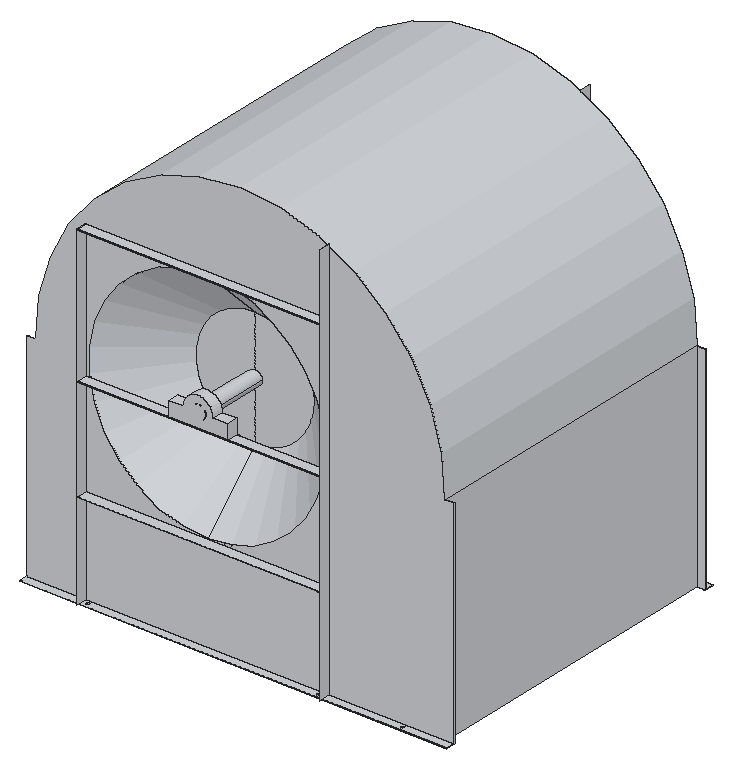
Revit family "CA_DWDI_CCW_DBD", category Mechanical Equipment, Revit 2019 (continued)
Types (61): name | X/2 | X | W/2 | W | V | U | T | S | R/2 | R+R | R | P-N-M | P-N | P | N | M/2 | M | L | K | J | INLET/2 | INLET | H | G/5*3 | G/10*3 | G-2.5" | G-(G/5*3) | G+((G/5*3)+2") | G | F-.125" | F-((D-A)/2) | F | E/2 | E | DB_H | DB_G | DB_F | DB_E | DB_D | D/2 | D | B/2 | B+.25" | B | A/2 | A+.25"+DB_H | A+.25" | A | Type Comments | -P | -B/2 | -((B+.25")/2) | (M-(B+.25"))/2 | (G/5*3)+2" | (D-A-.25)/2 | ((B+.25")/2)
  195_CA-DWDI_CCW_DBD_CLASS_2 | 1' - 4 11/32" | 2' - 8 11/16" | 0' - 0 11/32" | 0' - 0 11/16" | 0' - 6" | 0' - 11 1/2" | 1' - 3 11/32" | 2' - 6 11/16" | 0' - 1 3/32" | 0' - 4 3/8" | 0' - 2 3/16" | 0' - 2 1/8" | -2' - 10 9/16" | 3' - 6 3/16" | 0' - 7 5/8" | 1' - 4 7/32" | 2' - 8 7/16" | 1' - 4 7/32" | 0' - 2" | 1' - 4 13/16" | 1' - 0 3/32" | 2' - 0 3/16" | 3' - 4" | 1' - 0 3/32" | 0' - 6 3/64" | 1' - 5 13/16" | 0' - 7 29/32" | 2' - 9 3/32" | 1' - 8" | 3' - 0 11/16" | 2' - 11 1/8" | 3' - 0 13/16" | 1' - 3 29/32" | 2' - 7 13/16" | 0' - 2" | 1' - 11 3/16" | 3' - 4" | 1' - 8" | 3' - 2 1/2" | 0' - 11 7/16" | 1' - 10 7/8" | 1' - 2 7/32" | 2' - 4 11/16" | 2' - 4 7/16" | 0' - 9 3/4" | 1' - 9 3/4" | 1' - 7 3/4" | 1' - 7 1/2" | "Airfoil Centrifugal Blower Counter-Clockwise Down Blast Arrangement 3 Class 2" | -3' - 6 3/16" | -1' - 2 7/32" | -1' - 2 11/32" | 0' - 1 7/8" | 1' - 1 3/32" | 0' - 1 9/16" | 1' - 2 11/32"
  195_CA-DWDI_CCW_DBD_CLASS_3 | 1' - 4 11/32" | 2' - 8 11/16" | 0' - 0 11/32" | 0' - 0 11/16" | 0' - 6" | 0' - 11 1/2" | 1' - 3 11/32" | 2' - 6 11/16" | 0' - 1 11/32" | 0' - 5 3/8" | 0' - 2 11/16" | 0' - 2 1/2" | -2' - 10 15/16" | 3' - 6 15/16" | 0' - 8" | 1' - 4 7/32" | 2' - 8 7/16" | 1' - 4 7/32" | 0' - 2" | 1' - 4 13/16" | 1' - 0 3/32" | 2' - 0 3/16" | 3' - 4" | 1' - 0 3/32" | 0' - 6 3/64" | 1' - 5 5/16" | 0' - 7 29/32" | 2' - 9 3/32" | 1' - 8" | 3' - 0 11/16" | 2' - 11 1/8" | 3' - 0 13/16" | 1' - 3 29/32" | 2' - 7 13/16" | 0' - 2" | 1' - 11 3/16" | 3' - 4" | 1' - 8" | 3' - 2 1/2" | 0' - 11 7/16" | 1' - 10 7/8" | 1' - 2 7/32" | 2' - 4 11/16" | 2' - 4 7/16" | 0' - 9 3/4" | 1' - 9 3/4" | 1' - 7 3/4" | 1' - 7 1/2" | "Airfoil Centrifugal Blower Counter-Clockwise Down Blast Arrangement 3 Class 3" | -3' - 6 15/16" | -1' - 2 7/32" | -1' - 2 11/32" | 0' - 1 7/8" | 1' - 1 3/32" | 0' - 1 9/16" | 1' - 2 11/32"
  210_CA-DWDI_CCW_DBD_CLASS_2 | 1' - 5 5/16" | 2' - 10 5/8" | 0' - 0 13/32" | 0' - 0 13/16" | 0' - 7" | 1' - 0" | 1' - 4 5/16" | 2' - 8 5/8" | 0' - 1 3/32" | 0' - 4 3/8" | 0' - 2 3/16" | 0' - 2 1/8" | -3' - 0 1/2" | 3' - 8 5/8" | 0' - 8 1/8" | 1' - 5 3/16" | 2' - 10 3/8" | 1' - 5 3/16" | 0' - 2" | 1' - 6" | 1' - 0 31/32" | 2' - 1 15/16" | 3' - 6 7/8" | 1' - 0 31/32" | 0' - 6 31/64" | 1' - 6 13/16" | 0' - 8 1/32" | 2' - 10 31/32" | 1' - 9" | 3' - 3" | 3' - 1 7/16" | 3' - 3 1/8" | 1' - 4 7/8" | 2' - 9 3/4" | 0' - 2" | 2' - 0 7/8" | 3' - 6 7/8" | 1' - 9" | 3' - 4 15/16" | 1' - 0 1/2" | 2' - 1" | 1' - 3 3/16" | 2' - 6 5/8" | 2' - 6 3/8" | 0' - 10 13/16" | 1' - 11 7/8" | 1' - 9 7/8" | 1' - 9 5/8" | "Airfoil Centrifugal Blower Counter-Clockwise Down Blast Arrangement 3 Class 2" | -3' - 8 5/8" | -1' - 3 3/16" | -1' - 3 5/16" | 0' - 1 7/8" | 1' - 1 31/32" | 0' - 1 9/16" | 1' - 3 5/16"
  210_CA-DWDI_CCW_DBD_CLASS_3 | 1' - 5 5/16" | 2' - 10 5/8" | 0' - 0 13/32" | 0' - 0 13/16" | 0' - 7" | 1' - 0" | 1' - 4 5/16" | 2' - 8 5/8" | 0' - 1 11/32" | 0' - 5 3/8" | 0' - 2 11/16" | 0' - 2 1/2" | -3' - 0 7/8" | 3' - 9 3/8" | 0' - 8 1/2" | 1' - 5 3/16" | 2' - 10 3/8" | 1' - 5 3/16" | 0' - 2" | 1' - 6" | 1' - 0 31/32" | 2' - 1 15/16" | 3' - 6 7/8" | 1' - 0 31/32" | 0' - 6 31/64" | 1' - 6 5/16" | 0' - 8 1/32" | 2' - 10 31/32" | 1' - 9" | 3' - 3" | 3' - 1 7/16" | 3' - 3 1/8" | 1' - 4 7/8" | 2' - 9 3/4" | 0' - 2" | 2' - 0 7/8" | 3' - 6 7/8" | 1' - 9" | 3' - 4 15/16" | 1' - 0 1/2" | 2' - 1" | 1' - 3 3/16" | 2' - 6 5/8" | 2' - 6 3/8" | 0' - 10 13/16" | 1' - 11 7/8" | 1' - 9 7/8" | 1' - 9 5/8" | "Airfoil Centrifugal Blower Counter-Clockwise Down Blast Arrangement 3 Class 3" | -3' - 9 3/8" | -1' - 3 3/16" | -1' - 3 5/16" | 0' - 1 7/8" | 1' - 1 31/32" | 0' - 1 9/16" | 1' - 3 5/16"
  225_CA-DWDI_CCW_DBD_CLASS_2 | 1' - 6 3/8" | 3' - 0 3/4" | 0' - 0 13/32" | 0' - 0 13/16" | 0' - 7 1/2" | 1' - 0 1/2" | 1' - 5 3/8" | 2' - 10 3/4" | 0' - 1 7/32" | 0' - 4 7/8" | 0' - 2 7/16" | 0' - 2 1/4" | -3' - 2 3/4" | 3' - 11" | 0' - 8 1/4" | 1' - 6 1/4" | 3' - 0 1/2" | 1' - 6 1/4" | 0' - 2" | 1' - 7 1/4" | 1' - 1 23/32" | 2' - 3 7/16" | 3' - 9 3/4" | 1' - 1 23/32" | 0' - 6 55/64" | 1' - 8 9/16" | 0' - 9 9/32" | 3' - 1 23/32" | 1' - 11" | 3' - 6 1/4" | 3' - 4 11/16" | 3' - 6 3/8" | 1' - 5 15/16" | 2' - 11 7/8" | 0' - 2" | 2' - 2 1/2" | 3' - 9 3/4" | 1' - 11" | 3' - 8 3/8" | 1' - 1 9/32" | 2' - 2 9/16" | 1' - 4 1/4" | 2' - 8 3/4" | 2' - 8 1/2" | 0' - 11 19/32" | 2' - 1 7/16" | 1' - 11 7/16" | 1' - 11 3/16" | "Airfoil Centrifugal Blower Counter-Clockwise Down Blast Arrangement 3 Class 2" | -3' - 11" | -1' - 4 1/4" | -1' - 4 3/8" | 0' - 1 7/8" | 1' - 2 23/32" | 0' - 1 9/16" | 1' - 4 3/8"
  225_CA-DWDI_CCW_DBD_CLASS_3 | 1' - 6 3/8" | 3' - 0 3/4" | 0' - 0 13/32" | 0' - 0 13/16" | 0' - 7 1/2" | 1' - 0 1/2" | 1' - 5 3/8" | 2' - 10 3/4" | 0' - 1 15/32" | 0' - 5 7/8" | 0' - 2 15/16" | 0' - 2 1/2" | -3' - 3" | 3' - 11 1/2" | 0' - 8 1/2" | 1' - 6 1/4" | 3' - 0 1/2" | 1' - 6 1/4" | 0' - 2" | 1' - 7 1/4" | 1' - 1 23/32" | 2' - 3 7/16" | 3' - 9 3/4" | 1' - 1 23/32" | 0' - 6 55/64" | 1' - 8 1/16" | 0' - 9 9/32" | 3' - 1 23/32" | 1' - 11" | 3' - 6 1/4" | 3' - 4 11/16" | 3' - 6 3/8" | 1' - 5 15/16" | 2' - 11 7/8" | 0' - 2" | 2' - 2 1/2" | 3' - 9 3/4" | 1' - 11" | 3' - 8 3/8" | 1' - 1 9/32" | 2' - 2 9/16" | 1' - 4 1/4" | 2' - 8 3/4" | 2' - 8 1/2" | 0' - 11 19/32" | 2' - 1 7/16" | 1' - 11 7/16" | 1' - 11 3/16" | "Airfoil Centrifugal Blower Counter-Clockwise Down Blast Arrangement 3 Class 3" | -3' - 11 1/2" | -1' - 4 1/4" | -1' - 4 3/8" | 0' - 1 7/8" | 1' - 2 23/32" | 0' - 1 9/16" | 1' - 4 3/8"
  245_CA-DWDI_CCW_DBD_CLASS_2 | 1' - 8 21/32" | 3' - 5 5/16" | 0' - 0 13/32" | 0' - 0 13/16" | 0' - 8" | 1' - 1 1/2" | 1' - 6 21/32" | 3' - 1 5/16" | 0' - 1 7/32" | 0' - 4 7/8" | 0' - 2 7/16" | 0' - 2 1/4" | -3' - 5 5/16" | 4' - 2 1/16" | 0' - 8 3/4" | 1' - 7 17/32" | 3' - 3 1/16" | 1' - 7 17/32" | 0' - 2" | 1' - 8 7/8" | 1' - 2 23/32" | 2' - 5 7/16" | 4' - 1 1/2" | 1' - 2 23/32" | 0' - 7 23/64" | 1' - 10 9/16" | 0' - 10 9/32" | 3' - 4 23/32" | 2' - 1" | 3' - 10" | 3' - 8 7/16" | 3' - 10 1/8" | 1' - 7 7/32" | 3' - 2 7/16" | 0' - 2" | 2' - 4 5/8" | 4' - 1 1/2" | 2' - 1" | 4' - 0 1/4" | 1' - 2 7/16" | 2' - 4 7/8" | 1' - 5 17/32" | 2' - 11 5/16" | 2' - 11 1/16" | 1' - 0 3/4" | 2' - 3 3/4" | 2' - 1 3/4" | 2' - 1 1/2" | "Airfoil Centrifugal Blower Counter-Clockwise Down Blast Arrangement 3 Class 2" | -4' - 2 1/16" | -1' - 5 17/32" | -1' - 5 21/32" | 0' - 1 7/8" | 1' - 3 23/32" | 0' - 1 9/16" | 1' - 5 21/32"
  245_CA-DWDI_CCW_DBD_CLASS_3 | 1' - 8 21/32" | 3' - 5 5/16" | 0' - 0 13/32" | 0' - 0 13/16" | 0' - 8" | 1' - 1 1/2" | 1' - 6 21/32" | 3' - 1 5/16" | 0' - 1 3/32" | 0' - 4 3/8" | 0' - 2 3/16" | 0' - 2 7/8" | -3' - 5 15/16" | 4' - 2 11/16" | 0' - 8 3/4" | 1' - 7 17/32" | 3' - 3 1/16" | 1' - 7 17/32" | 0' - 2" | 1' - 8 7/8" | 1' - 2 23/32" | 2' - 5 7/16" | 4' - 1 1/2" | 1' - 2 23/32" | 0' - 7 23/64" | 1' - 10 13/16" | 0' - 10 9/32" | 3' - 4 23/32" | 2' - 1" | 3' - 10" | 3' - 8 7/16" | 3' - 10 1/8" | 1' - 7 7/32" | 3' - 2 7/16" | 0' - 2" | 2' - 4 5/8" | 4' - 1 1/2" | 2' - 1" | 4' - 0 1/4" | 1' - 2 7/16" | 2' - 4 7/8" | 1' - 5 17/32" | 2' - 11 5/16" | 2' - 11 1/16" | 1' - 0 3/4" | 2' - 3 3/4" | 2' - 1 3/4" | 2' - 1 1/2" | "Airfoil Centrifugal Blower Counter-Clockwise Down Blast Arrangement 3 Class 3" | -4' - 2 11/16" | -1' - 5 17/32" | -1' - 5 21/32" | 0' - 1 7/8" | 1' - 3 23/32" | 0' - 1 9/16" | 1' - 5 21/32"
  270_CA-DWDI_CCW_DBD_CLASS_2 | 1' - 10 27/32" | 3' - 9 11/16" | 0' - 0 13/32" | 0' - 0 13/16" | 0' - 9" | 1' - 3" | 1' - 8 27/32" | 3' - 5 11/16" | 0' - 1 11/32" | 0' - 5 3/8" | 0' - 2 11/16" | 0' - 2 1/2" | -3' - 9 15/16" | 4' - 6 15/16" | 0' - 9" | 1' - 9 23/32" | 3' - 7 7/16" | 1' - 9 23/32" | 0' - 2" | 1' - 11 3/8" | 1' - 3 31/32" | 2' - 7 15/16" | 4' - 6 3/4" | 1' - 3 31/32" | 0' - 7 63/64" | 2' - 0 5/16" | 0' - 11 1/32" | 3' - 7 31/32" | 2' - 3" | 4' - 2 1/8" | 4' - 0 9/16" | 4' - 2 1/4" | 1' - 9 13/32" | 3' - 6 13/16" | 0' - 2" | 2' - 7 3/8" | 4' - 6 3/4" | 2' - 3" | 4' - 2 1/8" | 1' - 3 7/16" | 2' - 6 7/8" | 1' - 7 23/32" | 3' - 3 11/16" | 3' - 3 7/16" | 1' - 1 3/4" | 2' - 5 3/4" | 2' - 3 3/4" | 2' - 3 1/2" | "Airfoil Centrifugal Blower Counter-Clockwise Down Blast Arrangement 3 Class 2" | -4' - 6 15/16" | -1' - 7 23/32" | -1' - 7 27/32" | 0' - 1 7/8" | 1' - 4 31/32" | 0' - 1 9/16" | 1' - 7 27/32"
  270_CA-DWDI_CCW_DBD_CLASS_3 | 1' - 10 27/32" | 3' - 9 11/16" | 0' - 0 13/32" | 0' - 0 13/16" | 0' - 9" | 1' - 3" | 1' - 8 27/32" | 3' - 5 11/16" | 0' - 1 3/32" | 0' - 4 3/8" | 0' - 2 3/16" | 0' - 2 7/8" | -3' - 10 5/16" | 4' - 7 1/16" | 0' - 8 3/4" | 1' - 9 23/32" | 3' - 7 7/16" | 1' - 9 23/32" | 0' - 2" | 1' - 11 3/8" | 1' - 3 31/32" | 2' - 7 15/16" | 4' - 6 3/4" | 1' - 3 31/32" | 0' - 7 63/64" | 2' - 0 13/16" | 0' - 11 1/32" | 3' - 7 31/32" | 2' - 3" | 4' - 2 1/8" | 4' - 0 9/16" | 4' - 2 1/4" | 1' - 9 13/32" | 3' - 6 13/16" | 0' - 2" | 2' - 7 3/8" | 4' - 6 3/4" | 2' - 3" | 4' - 2 1/8" | 1' - 3 7/16" | 2' - 6 7/8" | 1' - 7 23/32" | 3' - 3 11/16" | 3' - 3 7/16" | 1' - 1 3/4" | 2' - 5 3/4" | 2' - 3 3/4" | 2' - 3 1/2" | "Airfoil Centrifugal Blower Counter-Clockwise Down Blast Arrangement 3 Class 3" | -4' - 7 1/16" | -1' - 7 23/32" | -1' - 7 27/32" | 0' - 1 7/8" | 1' - 4 31/32" | 0' - 1 9/16" | 1' - 7 27/32"
  300_CA-DWDI_CCW_DBD_CLASS_2 | 2' - 0 5/8" | 4' - 1 1/4" | 0' - 0 13/32" | 0' - 0 13/16" | 0' - 10" | 1' - 4 1/2" | 1' - 10 5/8" | 3' - 9 1/4" | 0' - 1 11/32" | 0' - 5 3/8" | 0' - 2 11/16" | 0' - 2 1/2" | -4' - 1 1/2" | 4' - 11" | 0' - 9 1/2" | 1' - 11 1/2" | 3' - 11" | 1' - 11 1/2" | 0' - 2" | 2' - 1 3/8" | 1' - 5 15/32" | 2' - 10 15/16" | 5' - 0" | 1' - 5 15/32" | 0' - 8 47/64" | 2' - 3 5/16" | 1' - 0 17/32" | 4' - 0 15/32" | 2' - 6" | 4' - 7 3/4" | 4' - 6 5/32" | 4' - 7 7/8" | 1' - 11 7/32" | 3' - 10 7/16" | 0' - 2" | 2' - 10 5/8" | 5' - 0" | 2' - 6" | 4' - 10 1/2" | 1' - 5 5/16" | 2' - 10 5/8" | 1' - 9 1/2" | 3' - 7 1/4" | 3' - 7" | 1' - 3 19/32" | 2' - 9 7/16" | 2' - 7 7/16" | 2' - 7 3/16" | "Airfoil Centrifugal Blower Counter-Clockwise Down Blast Arrangement 3 Class 2" | -4' - 11" | -1' - 9 1/2" | -1' - 9 5/8" | 0' - 1 7/8" | 1' - 6 15/32" | 0' - 1 19/32" | 1' - 9 5/8"
  300_CA-DWDI_CCW_DBD_CLASS_3 | 2' - 0 5/8" | 4' - 1 1/4" | 0' - 0 13/32" | 0' - 0 13/16" | 0' - 10" | 1' - 4 1/2" | 1' - 10 5/8" | 3' - 9 1/4" | 0' - 1 7/32" | 0' - 4 7/8" | 0' - 2 7/16" | 0' - 2 7/8" | -4' - 1 7/8" | 4' - 11 3/8" | 0' - 9 1/2" | 1' - 11 1/2" | 3' - 11" | 1' - 11 1/2" | 0' - 2" | 2' - 1 3/8" | 1' - 5 15/32" | 2' - 10 15/16" | 5' - 0" | 1' - 5 15/32" | 0' - 8 47/64" | 2' - 3 9/16" | 1' - 0 17/32" | 4' - 0 15/32" | 2' - 6" | 4' - 7 3/4" | 4' - 6 5/32" | 4' - 7 7/8" | 1' - 11 7/32" | 3' - 10 7/16" | 0' - 2" | 2' - 10 5/8" | 5' - 0" | 2' - 6" | 4' - 10 1/2" | 1' - 5 5/16" | 2' - 10 5/8" | 1' - 9 1/2" | 3' - 7 1/4" | 3' - 7" | 1' - 3 19/32" | 2' - 9 7/16" | 2' - 7 7/16" | 2' - 7 3/16" | "Airfoil Centrifugal Blower Counter-Clockwise Down Blast Arrangement 3 Class 3" | -4' - 11 3/8" | -1' - 9 1/2" | -1' - 9 5/8" | 0' - 1 7/8" | 1' - 6 15/32" | 0' - 1 19/32" | 1' - 9 5/8"
  330_CA-DWDI_CCW_DBD_CLASS_2 | 2' - 2 23/32" | 4' - 5 7/16" | 0' - 0 13/32" | 0' - 0 13/16" | 1' - 0" | 1' - 6" | 2' - 0 21/32" | 4' - 1 5/16" | 0' - 1 3/32" | 0' - 4 3/8" | 0' - 2 3/16" | 0' - 3" | -4' - 6 1/16" | 5' - 3 11/16" | 0' - 9 5/8" | 2' - 1 17/32" | 4' - 3 1/16" | 2' - 1 17/32" | 0' - 2" | 2' - 3 7/8" | 1' - 6 31/32" | 3' - 1 15/16" | 5' - 5 3/4" | 1' - 6 31/32" | 0' - 9 31/64" | 2' - 6 13/16" | 1' - 2 1/32" | 4' - 4 31/32" | 2' - 9" | 5' - 1 1/4" | 4' - 11 5/32" | 5' - 1 3/8" | 2' - 1 3/4" | 4' - 3 1/2" | 0' - 2" | 3' - 1 7/8" | 5' - 5 3/4" | 2' - 9" | 5' - 4 3/8" | 1' - 7 15/32" | 3' - 2 15/16" | 1' - 11 17/32" | 3' - 11 5/16" | 3' - 11 1/16" | 1' - 5 1/4" | 3' - 0 3/4" | 2' - 10 3/4" | 2' - 10 1/2" | "Airfoil Centrifugal Blower Counter-Clockwise Down Blast Arrangement 3 Class 2" | -5' - 3 11/16" | -1' - 11 17/32" | -1' - 11 21/32" | 0' - 1 7/8" | 1' - 7 31/32" | 0' - 2 3/32" | 1' - 11 21/32"
  330_CA-DWDI_CCW_DBD_CLASS_3 | 2' - 2 23/32" | 4' - 5 7/16" | 0' - 0 13/32" | 0' - 0 13/16" | 1' - 0" | 1' - 6" | 2' - 0 21/32" | 4' - 1 5/16" | 0' - 1 7/32" | 0' - 4 7/8" | 0' - 2 7/16" | 0' - 2 7/8" | -4' - 5 15/16" | 5' - 3 15/16" | 0' - 10" | 2' - 1 17/32" | 4' - 3 1/16" | 2' - 1 17/32" | 0' - 2" | 2' - 3 7/8" | 1' - 6 31/32" | 3' - 1 15/16" | 5' - 5 3/4" | 1' - 6 31/32" | 0' - 9 31/64" | 2' - 6 9/16" | 1' - 2 1/32" | 4' - 4 31/32" | 2' - 9" | 5' - 1 1/4" | 4' - 11 5/32" | 5' - 1 3/8" | 2' - 1 3/4" | 4' - 3 1/2" | 0' - 2" | 3' - 1 7/8" | 5' - 5 3/4" | 2' - 9" | 5' - 4 3/8" | 1' - 7 15/32" | 3' - 2 15/16" | 1' - 11 17/32" | 3' - 11 5/16" | 3' - 11 1/16" | 1' - 5 1/4" | 3' - 0 3/4" | 2' - 10 3/4" | 2' - 10 1/2" | "Airfoil Centrifugal Blower Counter-Clockwise Down Blast Arrangement 3 Class 3" | -5' - 3 15/16" | -1' - 11 17/32" | -1' - 11 21/32" | 0' - 1 7/8" | 1' - 7 31/32" | 0' - 2 3/32" | 1' - 11 21/32"
  365_CA-DWDI_CCW_DBD_CLASS_2 | 2' - 5 9/32" | 4' - 10 9/16" | 0' - 0 13/32" | 0' - 0 13/16" | 1' - 1" | 1' - 8" | 2' - 3 7/32" | 4' - 6 7/16" | 0' - 1 7/32" | 0' - 4 7/8" | 0' - 2 7/16" | 0' - 2 7/8" | -4' - 11 1/16" | 5' - 9 9/16" | 0' - 10 1/2" | 2' - 4 3/32" | 4' - 8 3/16" | 2' - 4 3/32" | 0' - 2" | 2' - 6 5/8" | 1' - 8 23/32" | 3' - 5 7/16" | 6' - 0 3/8" | 1' - 8 23/32" | 0' - 10 23/64" | 2' - 9 9/16" | 1' - 3 9/32" | 4' - 9 23/32" | 3' - 0" | 5' - 7 5/16" | 5' - 5 7/32" | 5' - 7 7/16" | 2' - 4 5/16" | 4' - 8 5/8" | 0' - 2" | 3' - 5 3/4" | 6' - 0 3/8" | 3' - 0" | 5' - 10 5/8" | 1' - 9 9/16" | 3' - 7 1/8" | 2' - 2 3/32" | 4' - 4 7/16" | 4' - 4 3/16" | 1' - 7 11/32" | 3' - 4 15/16" | 3' - 2 15/16" | 3' - 2 11/16" | "Airfoil Centrifugal Blower Counter-Clockwise Down Blast Arrangement 3 Class 2" | -5' - 9 9/16" | -2' - 2 3/32" | -2' - 2 7/32" | 0' - 1 7/8" | 1' - 9 23/32" | 0' - 2 3/32" | 2' - 2 7/32"
  365_CA-DWDI_CCW_DBD_CLASS_3 | 2' - 5 9/32" | 4' - 10 9/16" | 0' - 0 13/32" | 0' - 0 13/16" | 1' - 1" | 1' - 8" | 2' - 3 7/32" | 4' - 6 7/16" | 0' - 1 11/32" | 0' - 5 3/8" | 0' - 2 11/16" | 0' - 3 3/8" | -4' - 11 9/16" | 5' - 10 1/16" | 0' - 10 1/2" | 2' - 4 3/32" | 4' - 8 3/16" | 2' - 4 3/32" | 0' - 2" | 2' - 6 5/8" | 1' - 8 23/32" | 3' - 5 7/16" | 6' - 0 3/8" | 1' - 8 23/32" | 0' - 10 23/64" | 2' - 9 5/16" | 1' - 3 9/32" | 4' - 9 23/32" | 3' - 0" | 5' - 7 5/16" | 5' - 5 7/32" | 5' - 7 7/16" | 2' - 4 5/16" | 4' - 8 5/8" | 0' - 2" | 3' - 5 3/4" | 6' - 0 3/8" | 3' - 0" | 5' - 10 5/8" | 1' - 9 9/16" | 3' - 7 1/8" | 2' - 2 3/32" | 4' - 4 7/16" | 4' - 4 3/16" | 1' - 7 11/32" | 3' - 4 15/16" | 3' - 2 15/16" | 3' - 2 11/16" | "Airfoil Centrifugal Blower Counter-Clockwise Down Blast Arrangement 3 Class 3" | -5' - 10 1/16" | -2' - 2 3/32" | -2' - 2 7/32" | 0' - 1 7/8" | 1' - 9 23/32" | 0' - 2 3/32" | 2' - 2 7/32"
  402_CA-DWDI_CCW_DBD_CLASS_2 | 2' - 8 19/32" | 5' - 5 3/16" | 0' - 0 17/32" | 0' - 1 1/16" | 1' - 2" | 1' - 10" | 2' - 6 21/32" | 5' - 1 5/16" | 0' - 1 7/32" | 0' - 4 7/8" | 0' - 2 7/16" | 0' - 1 7/8" | -5' - 5 11/16" | 6' - 3 11/16" | 0' - 10" | 2' - 7 29/32" | 5' - 3 13/16" | 2' - 7 29/32" | 0' - 3" | 2' - 9 5/8" | 1' - 10 19/32" | 3' - 9 3/16" | 6' - 8 3/8" | 1' - 10 19/32" | 0' - 11 19/64" | 3' - 1 9/16" | 1' - 5 13/32" | 5' - 3 19/32" | 3' - 4" | 6' - 2 9/16" | 6' - 0 15/32" | 6' - 2 11/16" | 2' - 7 1/8" | 5' - 2 1/4" | 0' - 3" | 3' - 10 3/4" | 6' - 8 3/8" | 3' - 4" | 6' - 6 1/4" | 1' - 11 3/32" | 3' - 10 3/16" | 2' - 4 29/32" | 4' - 10 1/16" | 4' - 9 13/16" | 1' - 8 7/8" | 3' - 9" | 3' - 6" | 3' - 5 3/4" | "Airfoil Centrifugal Blower Counter-Clockwise Down Blast Arrangement 3 Class 2" | -6' - 3 11/16" | -2' - 4 29/32" | -2' - 5 1/32" | 0' - 2 7/8" | 1' - 11 19/32" | 0' - 2 3/32" | 2' - 5 1/32"
  402_CA-DWDI_CCW_DBD_CLASS_3 | 2' - 8 19/32" | 5' - 5 3/16" | 0' - 0 17/32" | 0' - 1 1/16" | 1' - 2" | 1' - 10" | 2' - 6 21/32" | 5' - 1 5/16" | 0' - 1 11/32" | 0' - 5 3/8" | 0' - 2 11/16" | 0' - 1 7/8" | -5' - 5 11/16" | 6' - 4 3/16" | 0' - 10 1/2" | 2' - 7 29/32" | 5' - 3 13/16" | 2' - 7 29/32" | 0' - 3" | 2' - 9 5/8" | 1' - 10 19/32" | 3' - 9 3/16" | 6' - 8 3/8" | 1' - 10 19/32" | 0' - 11 19/64" | 3' - 1 5/16" | 1' - 5 13/32" | 5' - 3 19/32" | 3' - 4" | 6' - 2 9/16" | 6' - 0 15/32" | 6' - 2 11/16" | 2' - 7 1/8" | 5' - 2 1/4" | 0' - 3" | 3' - 10 3/4" | 6' - 8 3/8" | 3' - 4" | 6' - 6 1/4" | 1' - 11 3/32" | 3' - 10 3/16" | 2' - 4 29/32" | 4' - 10 1/16" | 4' - 9 13/16" | 1' - 8 7/8" | 3' - 9" | 3' - 6" | 3' - 5 3/4" | "Airfoil Centrifugal Blower Counter-Clockwise Down Blast Arrangement 3 Class 3" | -6' - 4 3/16" | -2' - 4 29/32" | -2' - 5 1/32" | 0' - 2 7/8" | 1' - 11 19/32" | 0' - 2 3/32" | 2' - 5 1/32"
  445_CA-DWDI_CCW_DBD_CLASS_2 | 2' - 11 13/16" | 5' - 11 5/8" | 0' - 0 17/32" | 0' - 1 1/16" | 1' - 4" | 2' - 0" | 2' - 9 7/8" | 5' - 7 3/4" | 0' - 1 11/32" | 0' - 5 3/8" | 0' - 2 11/16" | 0' - 2 1/4" | -6' - 0 1/2" | 6' - 11 1/2" | 0' - 11" | 2' - 11 1/8" | 5' - 10 1/4" | 2' - 11 1/8" | 0' - 3" | 3' - 1 1/8" | 2' - 0 23/32" | 4' - 1 7/16" | 7' - 4 1/2" | 2' - 0 23/32" | 1' - 0 23/64" | 3' - 5 5/16" | 1' - 7 9/32" | 5' - 9 23/32" | 3' - 8" | 6' - 10 3/16" | 6' - 8 3/32" | 6' - 10 5/16" | 2' - 10 11/32" | 5' - 8 11/16" | 0' - 3" | 4' - 3 3/8" | 7' - 4 1/2" | 3' - 8" | 7' - 2 1/4" | 2' - 1 3/16" | 4' - 2 3/8" | 2' - 8 1/8" | 5' - 4 1/2" | 5' - 4 1/4" | 1' - 10 31/32" | 4' - 1 3/16" | 3' - 10 3/16" | 3' - 9 15/16" | "Airfoil Centrifugal Blower Counter-Clockwise Down Blast Arrangement 3 Class 2" | -6' - 11 1/2" | -2' - 8 1/8" | -2' - 8 1/4" | 0' - 2 7/8" | 2' - 1 23/32" | 0' - 2 3/32" | 2' - 8 1/4"
  445_CA-DWDI_CCW_DBD_CLASS_3 | 2' - 11 13/16" | 5' - 11 5/8" | 0' - 0 17/32" | 0' - 1 1/16" | 1' - 4" | 2' - 0" | 2' - 9 7/8" | 5' - 7 3/4" | 0' - 1 15/32" | 0' - 5 7/8" | 0' - 2 15/16" | 0' - 2 1/4" | -6' - 0 1/2" | 6' - 11 1/2" | 0' - 11" | 2' - 11 1/8" | 5' - 10 1/4" | 2' - 11 1/8" | 0' - 3" | 3' - 1 1/8" | 2' - 0 23/32" | 4' - 1 7/16" | 7' - 4 1/2" | 2' - 0 23/32" | 1' - 0 23/64" | 3' - 5 1/16" | 1' - 7 9/32" | 5' - 9 23/32" | 3' - 8" | 6' - 10 3/16" | 6' - 8 3/32" | 6' - 10 5/16" | 2' - 10 11/32" | 5' - 8 11/16" | 0' - 3" | 4' - 3 3/8" | 7' - 4 1/2" | 3' - 8" | 7' - 2 1/4" | 2' - 1 3/16" | 4' - 2 3/8" | 2' - 8 1/8" | 5' - 4 1/2" | 5' - 4 1/4" | 1' - 10 31/32" | 4' - 1 3/16" | 3' - 10 3/16" | 3' - 9 15/16" | "Airfoil Centrifugal Blower Counter-Clockwise Down Blast Arrangement 3 Class 3" | -6' - 11 1/2" | -2' - 8 1/8" | -2' - 8 1/4" | 0' - 2 7/8" | 2' - 1 23/32" | 0' - 2 3/32" | 2' - 8 1/4"
  490_CA-DWDI_CCW_DBD_CLASS_2 | 3' - 2 3/4" | 6' - 5 1/2" | 0' - 0 17/32" | 0' - 1 1/16" | 1' - 6" | 2' - 2 1/2" | 3' - 0 13/16" | 6' - 1 5/8" | 0' - 1 23/32" | 0' - 6 7/8" | 0' - 3 7/16" | 0' - 2 1/4" | -6' - 6 3/8" | 7' - 6 3/8" | 1' - 0" | 3' - 2 1/16" | 6' - 4 1/8" | 3' - 2 1/16" | 0' - 3" | 3' - 4 3/4" | 2' - 3 1/2" | 4' - 7" | 8' - 1" | 2' - 3 1/2" | 1' - 1 3/4" | 3' - 8 9/16" | 1' - 8 1/2" | 6' - 4 1/2" | 4' - 0" | 7' - 6 1/16" | 7' - 3 31/32" | 7' - 6 3/16" | 3' - 1 9/32" | 6' - 2 9/16" | 0' - 3" | 4' - 8 1/4" | 8' - 1" | 4' - 0" | 7' - 10 1/2" | 2' - 3 23/32" | 4' - 7 7/16" | 2' - 11 1/16" | 5' - 10 3/8" | 5' - 10 1/8" | 2' - 1 1/2" | 4' - 6 1/4" | 4' - 3 1/4" | 4' - 3" | "Airfoil Centrifugal Blower Counter-Clockwise Down Blast Arrangement 3 Class 2" | -7' - 6 3/8" | -2' - 11 1/16" | -2' - 11 3/16" | 0' - 2 7/8" | 2' - 4 1/2" | 0' - 2 3/32" | 2' - 11 3/16"
  490_CA-DWDI_CCW_DBD_CLASS_3 | 3' - 2 3/4" | 6' - 5 1/2" | 0' - 0 17/32" | 0' - 1 1/16" | 1' - 6" | 2' - 2 1/2" | 3' - 0 13/16" | 6' - 1 5/8" | 0' - 1 23/32" | 0' - 6 7/8" | 0' - 3 7/16" | 0' - 2 1/2" | -6' - 6 5/8" | 7' - 6 5/8" | 1' - 0" | 3' - 2 1/16" | 6' - 4 1/8" | 3' - 2 1/16" | 0' - 3" | 3' - 4 3/4" | 2' - 3 1/2" | 4' - 7" | 8' - 1" | 2' - 3 1/2" | 1' - 1 3/4" | 3' - 8 9/16" | 1' - 8 1/2" | 6' - 4 1/2" | 4' - 0" | 7' - 6 1/16" | 7' - 3 31/32" | 7' - 6 3/16" | 3' - 1 9/32" | 6' - 2 9/16" | 0' - 3" | 4' - 8 1/4" | 8' - 1" | 4' - 0" | 7' - 10 1/2" | 2' - 3 23/32" | 4' - 7 7/16" | 2' - 11 1/16" | 5' - 10 3/8" | 5' - 10 1/8" | 2' - 1 1/2" | 4' - 6 1/4" | 4' - 3 1/4" | 4' - 3" | "Airfoil Centrifugal Blower Counter-Clockwise Down Blast Arrangement 3 Class 3" | -7' - 6 5/8" | -2' - 11 1/16" | -2' - 11 3/16" | 0' - 2 7/8" | 2' - 4 1/2" | 0' - 2 3/32" | 2' - 11 3/16"
  540_CA-DWDI_CCW_DBD_CLASS_2 | 3' - 8 5/32" | 7' - 4 5/16" | 0' - 0 17/32" | 0' - 1 1/16" | 1' - 8" | 2' - 5" | 3' - 4 23/32" | 6' - 9 7/16" | 0' - 1 31/32" | 0' - 7 7/8" | 0' - 3 15/16" | 0' - 2 1/4" | -7' - 2 3/16" | 8' - 3 15/16" | 1' - 1 3/4" | 3' - 5 31/32" | 6' - 11 15/16" | 3' - 5 31/32" | 0' - 3" | 3' - 8 7/8" | 2' - 6" | 5' - 0" | 8' - 10 5/8" | 2' - 6" | 1' - 3" | 4' - 1 1/16" | 1' - 11" | 7' - 0" | 4' - 5" | 8' - 3 3/8" | 8' - 1 9/32" | 8' - 3 1/2" | 3' - 5 3/16" | 6' - 10 3/8" | 0' - 3" | 5' - 1 3/4" | 8' - 10 5/8" | 4' - 5" | 8' - 8 1/4" | 2' - 6 3/32" | 5' - 0 3/16" | 3' - 2 31/32" | 6' - 6 3/16" | 6' - 5 15/16" | 2' - 3 7/8" | 4' - 11" | 4' - 8" | 4' - 7 3/4" | "Airfoil Centrifugal Blower Counter-Clockwise Down Blast Arrangement 3 Class 2" | -8' - 3 15/16" | -3' - 2 31/32" | -3' - 3 3/32" | 0' - 2 7/8" | 2' - 7" | 0' - 2 3/32" | 3' - 3 3/32"
  540_CA-DWDI_CCW_DBD_CLASS_3 | 3' - 8 5/32" | 7' - 4 5/16" | 0' - 0 17/32" | 0' - 1 1/16" | 1' - 8" | 2' - 5" | 3' - 4 23/32" | 6' - 9 7/16" | 0' - 1 31/32" | 0' - 7 7/8" | 0' - 3 15/16" | 0' - 2 1/16" | -7' - 2" | 8' - 4 3/16" | 1' - 2 3/16" | 3' - 5 31/32" | 6' - 11 15/16" | 3' - 5 31/32" | 0' - 3" | 3' - 8 7/8" | 2' - 6" | 5' - 0" | 8' - 10 5/8" | 2' - 6" | 1' - 3" | 4' - 1 1/16" | 1' - 11" | 7' - 0" | 4' - 5" | 8' - 3 3/8" | 8' - 1 9/32" | 8' - 3 1/2" | 3' - 5 3/16" | 6' - 10 3/8" | 0' - 3" | 5' - 1 3/4" | 8' - 10 5/8" | 4' - 5" | 8' - 8 1/4" | 2' - 6 3/32" | 5' - 0 3/16" | 3' - 2 31/32" | 6' - 6 3/16" | 6' - 5 15/16" | 2' - 3 7/8" | 4' - 11" | 4' - 8" | 4' - 7 3/4" | "Airfoil Centrifugal Blower Counter-Clockwise Down Blast Arrangement 3 Class 3" | -8' - 4 3/16" | -3' - 2 31/32" | -3' - 3 3/32" | 0' - 2 7/8" | 2' - 7" | 0' - 2 3/32" | 3' - 3 3/32"
  600_CA-DWDI_CCW_DBD_CLASS_2 | 4' - 0 5/16" | 8' - 0 5/8" | 0' - 0 17/32" | 0' - 1 1/16" | 1' - 10" | 2' - 8" | 3' - 8 7/8" | 7' - 5 3/4" | 0' - 1 31/32" | 0' - 7 7/8" | 0' - 3 15/16" | 0' - 2 1/4" | -7' - 10 1/2" | 9' - 0 3/4" | 1' - 2 1/4" | 3' - 10 1/8" | 7' - 8 1/4" | 3' - 10 1/8" | 0' - 3" | 4' - 1 3/4" | 2' - 9" | 5' - 6" | 9' - 10" | 2' - 9" | 1' - 4 1/2" | 4' - 7 1/16" | 2' - 2" | 7' - 9" | 4' - 11" | 9' - 2 9/16" | 9' - 0 15/32" | 9' - 2 11/16" | 3' - 9 11/32" | 7' - 6 11/16" | 0' - 3" | 5' - 8 1/4" | 9' - 10" | 4' - 11" | 9' - 8" | 2' - 9 5/16" | 5' - 6 5/8" | 3' - 7 1/8" | 7' - 2 1/2" | 7' - 2 1/4" | 2' - 7 3/32" | 5' - 5 7/16" | 5' - 2 7/16" | 5' - 2 3/16" | "Airfoil Centrifugal Blower Counter-Clockwise Down Blast Arrangement 3 Class 2" | -9' - 0 3/4" | -3' - 7 1/8" | -3' - 7 1/4" | 0' - 2 7/8" | 2' - 10" | 0' - 2 3/32" | 3' - 7 1/4"
  600_CA-DWDI_CCW_DBD_CLASS_3 | 4' - 0 5/16" | 8' - 0 5/8" | 0' - 0 17/32" | 0' - 1 1/16" | 1' - 10" | 2' - 8" | 3' - 8 7/8" | 7' - 5 3/4" | 0' - 2 7/32" | 0' - 8 7/8" | 0' - 4 7/16" | 0' - 3 3/4" | -8' - 0" | 9' - 2 3/4" | 1' - 2 3/4" | 3' - 10 1/8" | 7' - 8 1/4" | 3' - 10 1/8" | 0' - 3" | 4' - 1 3/4" | 2' - 9" | 5' - 6" | 9' - 10" | 2' - 9" | 1' - 4 1/2" | 4' - 6 9/16" | 2' - 2" | 7' - 9" | 4' - 11" | 9' - 2 9/16" | 9' - 0 15/32" | 9' - 2 11/16" | 3' - 9 11/32" | 7' - 6 11/16" | 0' - 3" | 5' - 8 1/4" | 9' - 10" | 4' - 11" | 9' - 8" | 2' - 9 5/16" | 5' - 6 5/8" | 3' - 7 1/8" | 7' - 2 1/2" | 7' - 2 1/4" | 2' - 7 3/32" | 5' - 5 7/16" | 5' - 2 7/16" | 5' - 2 3/16" | "Airfoil Centrifugal Blower Counter-Clockwise Down Blast Arrangement 3 Class 3" | -9' - 2 3/4" | -3' - 7 1/8" | -3' - 7 1/4" | 0' - 2 7/8" | 2' - 10" | 0' - 2 3/32" | 3' - 7 1/4"
  660_CA-DWDI_CCW_DBD_CLASS_2 | 4' - 4 5/8" | 8' - 9 1/4" | 0' - 0 17/32" | 0' - 1 1/16" | 2' - 1" | 2' - 11" | 4' - 1 3/16" | 8' - 2 3/8" | 0' - 2 7/32" | 0' - 8 7/8" | 0' - 4 7/16" | 0' - 2 7/16" | -8' - 7 5/16" | 9' - 10 5/8" | 1' - 3 5/16" | 4' - 2 7/16" | 8' - 4 7/8" | 4' - 2 7/16" | 0' - 3" | 4' - 6 5/8" | 3' - 0" | 6' - 0" | 10' - 9 3/8" | 3' - 0" | 1' - 6" | 5' - 0 9/16" | 2' - 5" | 8' - 6" | 5' - 5" | 10' - 1 3/4" | 9' - 11 21/32" | 10' - 1 7/8" | 4' - 1 21/32" | 8' - 3 5/16" | 0' - 3" | 6' - 2 3/4" | 10' - 9 3/8" | 5' - 5" | 10' - 1 5/8" | 3' - 0 7/16" | 6' - 0 7/8" | 3' - 11 7/16" | 7' - 11 1/8" | 7' - 10 7/8" | 2' - 10 7/32" | 5' - 11 11/16" | 5' - 8 11/16" | 5' - 8 7/16" | "Airfoil Centrifugal Blower Counter-Clockwise Down Blast Arrangement 3 Class 2" | -9' - 10 5/8" | -3' - 11 7/16" | -3' - 11 9/16" | 0' - 2 7/8" | 3' - 1" | 0' - 2 3/32" | 3' - 11 9/16"
  660_CA-DWDI_CCW_DBD_CLASS_3 | 4' - 4 5/8" | 8' - 9 1/4" | 0' - 0 17/32" | 0' - 1 1/16" | 2' - 1" | 2' - 11" | 4' - 1 3/16" | 8' - 2 3/8" | 0' - 2 7/32" | 0' - 8 7/8" | 0' - 4 7/16" | 0' - 4 3/8" | -8' - 9 1/4" | 9' - 11 7/8" | 1' - 2 5/8" | 4' - 2 7/16" | 8' - 4 7/8" | 4' - 2 7/16" | 0' - 3" | 4' - 6 5/8" | 3' - 0" | 6' - 0" | 10' - 9 3/8" | 3' - 0" | 1' - 6" | 5' - 0 9/16" | 2' - 5" | 8' - 6" | 5' - 5" | 10' - 1 3/4" | 9' - 11 21/32" | 10' - 1 7/8" | 4' - 1 21/32" | 8' - 3 5/16" | 0' - 3" | 6' - 2 3/4" | 10' - 9 3/8" | 5' - 5" | 10' - 1 5/8" | 3' - 0 7/16" | 6' - 0 7/8" | 3' - 11 7/16" | 7' - 11 1/8" | 7' - 10 7/8" | 2' - 10 7/32" | 5' - 11 11/16" | 5' - 8 11/16" | 5' - 8 7/16" | "Airfoil Centrifugal Blower Counter-Clockwise Down Blast Arrangement 3 Class 3" | -9' - 11 7/8" | -3' - 11 7/16" | -3' - 11 9/16" | 0' - 2 7/8" | 3' - 1" | 0' - 2 3/32" | 3' - 11 9/16"
  730 _CA-DWDI_CCW_DBD_CLASS_2 | 4' - 9 9/16" | 9' - 7 1/8" | 0' - 0 17/32" | 0' - 1 1/16" | 2' - 4" | 3' - 2 1/2" | 4' - 6 1/8" | 9' - 0 1/4" | 0' - 2 7/32" | 0' - 8 7/8" | 0' - 4 7/16" | 0' - 3 3/4" | -9' - 6 1/2" | 10' - 10 3/4" | 1' - 4 1/4" | 4' - 7 3/8" | 9' - 2 3/4" | 4' - 7 3/8" | 0' - 3" | 5' - 0 1/4" | 3' - 3 1/2" | 6' - 7" | 11' - 10 5/8" | 3' - 3 1/2" | 1' - 7 3/4" | 5' - 7 9/16" | 2' - 8 1/2" | 9' - 4 1/2" | 6' - 0" | 11' - 2 3/4" | 11' - 0 21/32" | 11' - 2 7/8" | 4' - 6 19/32" | 9' - 1 3/16" | 0' - 3" | 6' - 10 3/8" | 11' - 10 5/8" | 6' - 0" | 11' - 9 5/16" | 3' - 4 1/8" | 6' - 8 1/4" | 4' - 4 3/8" | 8' - 9" | 8' - 8 3/4" | 3' - 1 29/32" | 6' - 7 1/16" | 6' - 4 1/16" | 6' - 3 13/16" | "Airfoil Centrifugal Blower Counter-Clockwise Down Blast Arrangement 3 Class 2" | -10' - 10 3/4" | -4' - 4 3/8" | -4' - 4 1/2" | 0' - 2 7/8" | 3' - 4 1/2" | 0' - 2 3/32" | 4' - 4 1/2"
  730 _CA-DWDI_CCW_DBD_CLASS_3 | 4' - 9 9/16" | 9' - 7 1/8" | 0' - 0 17/32" | 0' - 1 1/16" | 2' - 4" | 3' - 2 1/2" | 4' - 6 1/8" | 9' - 0 1/4" | 0' - 2 15/32" | 0' - 9 7/8" | 0' - 4 15/16" | 0' - 3 3/4" | -9' - 6 1/2" | 10' - 11 1/4" | 1' - 4 3/4" | 4' - 7 3/8" | 9' - 2 3/4" | 4' - 7 3/8" | 0' - 3" | 5' - 0 1/4" | 3' - 3 1/2" | 6' - 7" | 11' - 10 5/8" | 3' - 3 1/2" | 1' - 7 3/4" | 5' - 7 1/16" | 2' - 8 1/2" | 9' - 4 1/2" | 6' - 0" | 11' - 2 3/4" | 11' - 0 21/32" | 11' - 2 7/8" | 4' - 6 19/32" | 9' - 1 3/16" | 0' - 3" | 6' - 10 3/8" | 11' - 10 5/8" | 6' - 0" | 11' - 9 5/16" | 3' - 4 1/8" | 6' - 8 1/4" | 4' - 4 3/8" | 8' - 9" | 8' - 8 3/4" | 3' - 1 29/32" | 6' - 7 1/16" | 6' - 4 1/16" | 6' - 3 13/16" | "Airfoil Centrifugal Blower Counter-Clockwise Down Blast Arrangement 3 Class 3" | -10' - 11 1/4" | -4' - 4 3/8" | -4' - 4 1/2" | 0' - 2 7/8" | 3' - 4 1/2" | 0' - 2 3/32" | 4' - 4 1/2"
